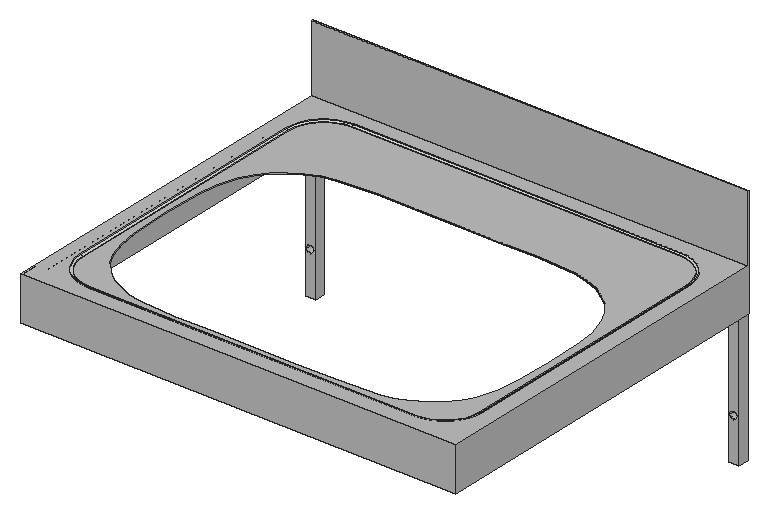
Revit family "Reece_Basin_Wolfen_Wall Basin_With Brackets_500 mm", category Plumbing Fixtures, Revit 2018
Family settings
  Round Connector Dimension = Use Diameter
  Part Type = Normal
  Work Plane-Based = Yes
  Always vertical = Yes
  Cut with Voids When Loaded = Yes
  Shared = Yes
  Room Calculation Point = Yes
Parameters (values of type "21.7 L_Centre_1 Taphole_Centre Bowl_Stainless Steel")
  URL = "https://www.reece.com.au/product/-9509887"
  Type Comments = "Basin"
  Reece_Taphole 2 [instance] = no
  Reece_Taphole 1 [instance] = yes
  Reece_Product_Web Page = "https://www.reece.com.au/product/-9509887"
  Reece_Product_Type = "Basin"  # constant formula
  Reece_Product_Sub Brand = "Wolfen"  # constant formula
  Reece_Product_Number = "9509887"
  Reece_Product_Mount = "Wall Mounted"
  Reece_Product_Description = "Wolfen Wall Hand Basin 500x420mm with Brackets Centre 1 Taphole Stainless Steel"
  Reece_Product_Brand = "Wolfen"  # constant formula
  Reece_Overall_Width = 500 mm  # constant formula
  Reece_Overall_Depth = 420 mm  # constant formula
  Reece_Overall_Capacity = 21.70 L  # constant formula
  Reece_Material_Main = Reece_Metal_Stainless Steel_Polished
  Reece_Height_From_Level [instance] = 800 mm
  Reece_Detail_Taphole Configuration = "1 Taphole"
  Reece_Detail_Installation = "Wall Basin"  # constant formula
  Reece_Detail_Disclaimer = "THIS FILE IS THE PROPERTY OF THE REECE GROUP. IT MAY NOT BE REPRODUCED, REVERSE-ENGINEERED OR MODIFIED. ANY REPUBLICATION, TRANSMISSION OR DISTRIBUTION FOR THE PURPOSE OF COMMERCIALLY EXPLOITING THE FILES IS PROHIBITED."  # constant formula
  Reece_Detail_Bowl Type = "Centre Bowl"  # constant formula
  Reece_Detail_Additional = "With Brackets"  # constant formula
  Reece_Basin_Outlet = 40 mm  # constant formula
  Model = "Wolfen"
  Manufacturer = "Wolfen"
  Keynote = "Product #9509887, Reece_Basin_Wolfen_Wall Basin_With Brackets_500 mm - 21.7 L_Centre_1 Taphole_Centre Bowl_Stainless Steel"
  Disclaimer = "THIS FILE IS THE PROPERTY OF THE REECE GROUP. IT MAY NOT BE REPRODUCED, REVERSE-ENGINEERED OR MODIFIED. ANY REPUBLICATION, TRANSMISSION OR DISTRIBUTION FOR THE PURPOSE OF COMMERCIALLY EXPLOITING THE FILES IS PROHIBITED."  # constant formula
  Description = "Wolfen Wall Hand Basin 500x420mm with Brackets Centre 1 Taphole Stainless Steel"
  Default Elevation = 0 mm
Types (3, lengths in mm): name | URL | Reece_Taphole 2 | Reece_Taphole 1 | Reece_Product_Web Page | Reece_Product_Number | Reece_Product_Description | Reece_Detail_Taphole Configuration | Keynote | Description
  21.7 L_No Taphole_Centre Bowl_Stainless Steel | "https://www.reece.com.au/product/-9509888" | no | no | "https://www.reece.com.au/product/-9509888" | "9509888" | "Wolfen Wall Hand Basin 500x420mm with Brackets No Taphole Stainless Steel" | "No Tahole" | "Product #9509888, Reece_Basin_Wolfen_Wall Basin_With Brackets_500 mm - 21.7 L_No Taphole_Centre Bowl_Stainless Steel" | "Wolfen Wall Hand Basin 500x420mm with Brackets No Taphole Stainless Steel"
  21.7 L_Right Hand_1 Taphole_Centre Bowl_Stainless Steel | "https://www.reece.com.au/product/-9509101" | yes | no | "https://www.reece.com.au/product/-9509101" | "9509101" | "Wolfen Wall Hand Basin 500 x 420mm with Brackets Right Hand 1 Taphole Stainless Steel" | "1 Taphole" | "Product #9509101, Reece_Basin_Wolfen_Wall Basin_With Brackets_500 mm - 21.7 L_Right Hand_1 Taphole_Centre Bowl_Stainless Steel" | "Wolfen Wall Hand Basin 500x420mm with Brackets Right Hand 1 Taphole Stainless Steel"
  21.7 L_Centre_1 Taphole_Centre Bowl_Stainless Steel | "https://www.reece.com.au/product/-9509887" | no | yes | "https://www.reece.com.au/product/-9509887" | "9509887" | "Wolfen Wall Hand Basin 500x420mm with Brackets Centre 1 Taphole Stainless Steel" | "1 Taphole" | "Product #9509887, Reece_Basin_Wolfen_Wall Basin_With Brackets_500 mm - 21.7 L_Centre_1 Taphole_Centre Bowl_Stainless Steel" | "Wolfen Wall Hand Basin 500x420mm with Brackets Centre 1 Taphole Stainless Steel"
Reference planes
  plane 1 "Center (Front/Back)": y = 0
  plane 2 "Bottom Host Plane": z = -5
  plane 3 "Center (Left/Right)": x = 0
  plane 4: x = -250
  plane 5: y = -210
  plane 6: x = 250
  plane 7 "Top of Basin": z = 800
  plane 8: z = 620
  plane 9: y = -420
  plane 10: z = 750
  plane 11: z = 877
  plane 12: y = -103.516
  plane 13: y = -392.516
Forms (mm)
  Extrusion 1, solid, material "Reece_Metal_Stainless Steel_Polished" <- "Reece_Material_Main"
    sketch origin (0, -210, 800) x (-1, 0, 0) y (0, -1, 0)
      loop
        line (-250, -210) -> (250, -210) -> (250, 210) -> (-250, 210) -> (-250, -210)
      loop
        line (-231, 148) -> (-231, -148)
        arc (-231, -148) -> (-218.406, -178.406) -> (-188, -191) r 43
        line (-188, -191) -> (188, -191)
        arc (188, -191) -> (218.406, -178.406) -> (231, -148) r 43
        line (231, -148) -> (231, 148)
        arc (231, 148) -> (218.406, 178.406) -> (188, 191) r 43
        line (188, 191) -> (-188, 191)
        arc (-188, 191) -> (-218.406, 178.406) -> (-231, 148) r 43
    from -1 to 0
  Sweep 2, solid, material "Reece_Metal_Stainless Steel_Polished" <- "Reece_Material_Main"
    path in 3D
      loop
        line (250, 0, 800) -> (-250, 0, 800)
    profile origin (0, 0, 800) x (0, -1, 0) y (0, 0, 1)
      loop
        line (0, 0) -> (1, 0) -> (1, 77) -> (0, 77) -> (0, 0)
  Sweep 3, solid
    path in 3D
      loop
        arc (188, -19, 800) -> (218.406, -31.594, 800) -> (231, -62, 800) r 43
        line (231, -62, 800) -> (231, -358, 800)
        arc (231, -358, 800) -> (218.406, -388.406, 800) -> (188, -401, 800) r 43
        line (188, -401, 800) -> (-188, -401, 800)
        arc (-188, -401, 800) -> (-218.406, -388.406, 800) -> (-231, -358, 800) r 43
        line (-231, -358, 800) -> (-231, -62, 800)
        arc (-231, -62, 800) -> (-218.406, -31.594, 800) -> (-188, -19, 800) r 43
        line (-188, -19, 800) -> (188, -19, 800)
    profile origin (0, -19, 800) x (0, 1, 0) y (0, 0, 1)
      loop
        line (0, 0) -> (-3, -1.155) -> (-3, -2.2) -> (0, -1) -> (0, 0)
  Sweep 4, solid, material "Reece_Metal_Stainless Steel_Polished" <- "Reece_Material_Main"
    path in 3D
      loop
        line (-250, -400, 799) -> (-250, 0, 799)
    profile origin (-250, -200, 799) x (1, 0, 0) y (0, 0, -1)
      loop
        line (1, 0) -> (13, 0) -> (13, 12) -> (1, 12) -> (1, 0)
      loop
        line (487, 0) -> (499, 0) -> (499, 12) -> (487, 12) -> (487, 0)
  Extrusion 5, solid, material "Reece_Metal_Stainless Steel_Polished" <- "Reece_Material_Main"
    sketch origin (0, -210, 800) x (-1, 0, 0) y (0, -1, 0)
      loop
        line (-237, -210) -> (-237, -198) -> (-249, -198) -> (-249, -210) -> (-237, -210)
      loop
        line (249, -210) -> (249, -198) -> (237, -198) -> (237, -210) -> (249, -210)
    from -201 to -13
  Sweep 6, solid, material "Reece_Metal_Stainless Steel_Polished" <- "Reece_Material_Main"
    path in 3D
      loop
        line (-250, 0, 800) -> (-250, -420, 800) -> (250, -420, 800) -> (250, 0, 800)
    profile origin (0, -420, 800) x (0, 1, 0) y (0, 0, 1)
      loop
        line (0, 0) -> (0, -50) -> (1, -50) -> (1, 0) -> (0, 0)
  Extrusion 7, void
    sketch origin (250, 0, 800) x (-1, 0, 0) y (0, 0, 1)
      loop
        circle (7, -151) r 4.25
      loop
        circle (7, -50) r 4.25
      loop
        circle (493.003, -151) r 4.25
      loop
        circle (493.003, -50) r 4.25
    from -12 to 0
  Extrusion 8, solid, material "Reece_Metal_Stainless Steel_Polished" <- "Reece_Material_Main"
    sketch origin (0, -210, 800) x (-1, 0, 0) y (0, -1, 0)
      loop
        arc (188, -188) -> (216.284, -176.284) -> (228, -148) r 40
        line (228, -148) -> (228, 148)
        arc (228, 148) -> (216.284, 176.284) -> (188, 188) r 40
        line (188, 188) -> (-188, 188)
        arc (-188, 188) -> (-216.284, 176.284) -> (-228, 148) r 40
        line (-228, 148) -> (-228, -148)
        arc (-228, -148) -> (-216.284, -176.284) -> (-188, -188) r 40
        line (-188, -188) -> (188, -188)
      loop
        line (45.887, 182.464) -> (0.001, 182.504) -> (-45.884, 182.464) -> (-91.769, 182.506)
        arc (-91.769, 182.506) -> (-114.715, 182.165) -> (-137.546, 179.852) r 266.773
        arc (-137.546, 179.852) -> (-159.327, 173.933) -> (-179.337, 163.49) r 104.89
        arc (-179.337, 163.49) -> (-196.146, 148.335) -> (-208.519, 129.384) r 87.73
        arc (-208.519, 129.384) -> (-215.65, 107.781) -> (-218.814, 85.253) r 127.019
        arc (-218.814, 85.253) -> (-219.899, 62.335) -> (-220.019, 39.392) r 545.229
        arc (-220.019, 39.392) -> (-219.859, 16.389) -> (-218.866, -6.592) r 634.824
        arc (-218.866, -6.592) -> (-215.994, -29.247) -> (-209.2, -51.049) r 129.894
        arc (-209.2, -51.049) -> (-196.987, -70.357) -> (-180.294, -85.955) r 89.748
        arc (-180.294, -85.955) -> (-160.324, -97.073) -> (-138.42, -103.603) r 104.935
        arc (-138.42, -103.603) -> (-115.458, -106.138) -> (-92.36, -106.494) r 244.331
        line (-92.36, -106.494) -> (-46.179, -106.482) -> (0.001, -106.445) -> (46.182, -106.482) -> (92.362, -106.494)
        arc (92.362, -106.494) -> (115.461, -106.138) -> (138.423, -103.603) r 244.331
        arc (138.423, -103.603) -> (160.326, -97.073) -> (180.296, -85.955) r 104.935
        arc (180.296, -85.955) -> (196.989, -70.357) -> (209.203, -51.049) r 89.748
        arc (209.203, -51.049) -> (215.997, -29.247) -> (218.868, -6.592) r 129.894
        arc (218.868, -6.592) -> (219.862, 16.389) -> (220.022, 39.392) r 634.824
        arc (220.022, 39.392) -> (219.902, 62.335) -> (218.816, 85.253) r 545.229
        arc (218.816, 85.253) -> (215.653, 107.781) -> (208.521, 129.384) r 127.019
        arc (208.521, 129.384) -> (196.149, 148.335) -> (179.34, 163.49) r 87.73
        arc (179.34, 163.49) -> (159.33, 173.933) -> (137.549, 179.852) r 104.89
        arc (137.549, 179.852) -> (114.718, 182.165) -> (91.772, 182.506) r 266.773
        line (91.772, 182.506) -> (45.887, 182.464)
    from -2.2 to -1.155
Cuts and joins
  Extrusion 7 cuts Extrusion 1
  Extrusion 7 cuts Sweep 2
  Extrusion 7 cuts Sweep 4
  Extrusion 7 cuts Extrusion 5
  Extrusion 7 cuts Sweep 6
  joined: Extrusion 1, Sweep 2, Sweep 4, Extrusion 5, Sweep 6
Lines and regions (mm)
  sketch lines
    curve 1: line (250, 0, 800) -> (-250, 0, 800)
    curve 2: line (-188, -19, 800) -> (188, -19, 800)
    curve 3: line (231, -62, 800) -> (231, -358, 800)
    curve 4: line (188, -401, 800) -> (-188, -401, 800)
    curve 5: line (-231, -358, 800) -> (-231, -62, 800)
    curve 6: line (-250, -400, 799) -> (-250, 0, 799)
    curve 7: line (-250, -420, 800) -> (250, -420, 800)
    curve 8: line (-250, 0, 800) -> (-250, -420, 800)
    curve 9: line (250, -420, 800) -> (250, 0, 800)
    curve 12: arc (-231, -358, 800) -> (-218.406, -388.406, 800) -> (-188, -401, 800) r 43
    curve 13: arc (188, -401, 800) -> (218.406, -388.406, 800) -> (231, -358, 800) r 43
    curve 14: arc (231, -62, 800) -> (218.406, -31.594, 800) -> (188, -19, 800) r 43
    curve 15: arc (-188, -19, 800) -> (-218.406, -31.594, 800) -> (-231, -62, 800) r 43
  model lines, visible <- "Reece_Taphole 2"
    curve 10: circle (186.85, -60.453, 798.845) r 17.5 normal (0, 0, 1)
  model lines, visible <- "Reece_Taphole 1"
    curve 11: circle (0, -60.453, 798.845) r 17.5 normal (0, 0, 1)
  model lines, style "InvisibleLines"
    curve 16: line (0, 0, 877) -> (0, 0, -5)
Text (mm)
  text "Reece ©" at (2629.581, -2243.687, 3143.545), in view "Reece Preview"
  text "Reece Copyright © 2018, Reece Ltd." at (-526.759, -443.435, 0), in view "Ref. Level"
Dimensions and locks
  "Reece_Overall_Width": plane 4 to plane 6
  equal spacing: plane 4, plane 3 "Center (Left/Right)", plane 6
  plane 7 "Top of Basin" to plane 8 = 180 mm
  equal spacing: plane 9, plane 5, plane 1 "Center (Front/Back)"
  "Reece_Overall_Depth": plane 9 to plane 1 "Center (Front/Back)"
  locked: plane 7 "Top of Basin" to plane 8 at 180
  locked: plane 7 "Top of Basin" to plane 10 at 50
  locked: plane 11 to plane 7 "Top of Basin" at 77
  plane 6 to plane 4 = 500 mm
  "Reece_Height_From_Level": plane 7 "Top of Basin" to level
  plane 7 "Top of Basin" to level = 800 mm  (x2)
  plane 7 "Top of Basin" to plane 11 = 77 mm
  plane 7 "Top of Basin" to plane 10 = 50 mm
  plane 1 "Center (Front/Back)" to cut or joined group of Extrusion 1, Sweep 2, Sweep 4, Extrusion 5, Sweep 6, Extrusion 7 = 12 mm
  cut or joined group of Extrusion 1, Sweep 2, Sweep 4, Extrusion 5, Sweep 6, Extrusion 7 to cut or joined group of Extrusion 1, Sweep 2, Sweep 4, Extrusion 5, Sweep 6, Extrusion 7 = 200 mm
  cut or joined group of Extrusion 1, Sweep 2, Sweep 4, Extrusion 5, Sweep 6, Extrusion 7 to cut or joined group of Extrusion 1, Sweep 2, Sweep 4, Extrusion 5, Sweep 6, Extrusion 7 = 400 mm
  cut or joined group of Extrusion 1, Sweep 2, Sweep 4, Extrusion 5, Sweep 6, Extrusion 7 to cut or joined group of Extrusion 1, Sweep 2, Sweep 4, Extrusion 5, Sweep 6, Extrusion 7 = 12 mm
  nested 1 to Extrusion 8 = 440.059 mm
  plane 12 to plane 13 = 289 mm
  plane 1 "Center (Front/Back)" to plane 9 = 420 mm
  plane 9 to plane 1 "Center (Front/Back)" = 420 mm
Automatic sketch dimensions
  plane 5 to Extrusion 1 sketch curve = 210 mm
  Extrusion 1 sketch curve to plane 6 = 0 mm
  Extrusion 1 sketch curve to plane 4 = 0 mm
  plane 6 to Extrusion 1 sketch curve = 19 mm
  plane 4 to Extrusion 1 sketch curve = 19 mm
  Sweep 2 sketch curve to profile plane = 0 mm  (x2)
  Sweep 2 sketch curve to profile plane = 1 mm
  profile plane to Sweep 2 sketch curve = 77 mm
  Sweep 3 sketch curve to profile plane = 0 mm  (x2)
  profile plane to Sweep 3 sketch curve = 3 mm
  Sweep 3 sketch curve to profile plane = 1 mm
  Sweep 3 sketch curve to profile plane = 1.155 mm
  Sweep 3 sketch curve to Sweep 3 sketch curve = 1.045 mm
  Sweep 4 sketch curve to profile plane = 0 mm  (x2)
  Sweep 4 sketch curve to profile plane = 1 mm
  Sweep 4 sketch curve to Sweep 4 sketch curve = 12 mm  (x2)
  Sweep 4 sketch curve to Sweep 4 sketch curve = 474 mm
  profile plane to Sweep 4 sketch curve = 12 mm  (x2)
  plane 6 to Extrusion 5 sketch curve = 1 mm
  Extrusion 5 sketch curve to Extrusion 5 sketch curve = 12 mm  (x2)
  plane 4 to Extrusion 5 sketch curve = 13 mm
  plane 4 to Extrusion 5 sketch curve = 1 mm
  Sweep 6 sketch curve to profile plane = 0 mm  (x2)
  Sweep 6 sketch curve to profile plane = 1 mm
  Sweep 6 sketch curve to profile plane = 50 mm
  plane 3 "Center (Left/Right)" to Extrusion 8 sketch curve = 45.884 mm
  plane 3 "Center (Left/Right)" to Extrusion 8 sketch curve = 46.179 mm
  plane 1 "Center (Front/Back)" to Extrusion 8 sketch curve = 208.349 mm  (x2)
  plane 3 "Center (Left/Right)" to Extrusion 8 sketch curve = 89.066 mm
  Extrusion 8 sketch curve to Extrusion 8 sketch curve = 45.885 mm  (x3)
  Extrusion 8 sketch curve to Extrusion 8 sketch curve = 2.886 mm  (x2)
  Extrusion 8 sketch curve to Extrusion 8 sketch curve = 46.181 mm  (x2)
  Extrusion 8 sketch curve to Extrusion 8 sketch curve = 6.913 mm  (x2)
  Extrusion 8 sketch curve to Extrusion 8 sketch curve = 8.385 mm  (x2)
  plane 1 "Center (Front/Back)" to Extrusion 8 sketch curve = 209.625 mm  (x2)
  Extrusion 8 sketch curve to Extrusion 8 sketch curve = 30.504 mm  (x2)
  Extrusion 8 sketch curve to Extrusion 8 sketch curve = 29.136 mm  (x2)
  Extrusion 8 sketch curve to Extrusion 8 sketch curve = 8.292 mm  (x2)
  Extrusion 8 sketch curve to Extrusion 8 sketch curve = 8.399 mm  (x2)
  plane 6 to Extrusion 8 sketch curve = 62 mm  (x2)
  plane 6 to Extrusion 8 sketch curve = 22 mm
  Extrusion 8 sketch curve to plane 6 = 75.139 mm
  plane 1 "Center (Front/Back)" to Extrusion 8 sketch curve = 242.306 mm  (x2)
  Extrusion 8 sketch curve to Extrusion 8 sketch curve = 89.623 mm  (x2)
  Extrusion 8 sketch curve to plane 3 "Center (Left/Right)" = 0.001 mm  (x2)
  Extrusion 8 sketch curve to Extrusion 8 sketch curve = 46.18 mm
  Extrusion 8 sketch curve to plane 3 "Center (Left/Right)" = 89.069 mm
  plane 4 to Extrusion 8 sketch curve = 62 mm  (x2)
  plane 1 "Center (Front/Back)" to Extrusion 8 sketch curve = 258.011 mm  (x2)
  Extrusion 8 sketch curve to plane 4 = 75.141 mm
  plane 1 "Center (Front/Back)" to Extrusion 8 sketch curve = 196.885 mm  (x2)
  Extrusion 8 sketch curve to Extrusion 8 sketch curve = 2.663 mm  (x2)
  Extrusion 8 sketch curve to Extrusion 8 sketch curve = 15.038 mm  (x2)
  Extrusion 8 sketch curve to Extrusion 8 sketch curve = 28.906 mm  (x2)
  plane 6 to Extrusion 8 sketch curve = 31.186 mm
  plane 1 "Center (Front/Back)" to Extrusion 8 sketch curve = 203.408 mm  (x2)
  plane 4 to Extrusion 8 sketch curve = 31.184 mm
  curve 10 to Extrusion 8 = 41.15 mm
  curve 11 to Extrusion 8 = 38.453 mm
  curve 10 to curve 11 = 186.85 mm
  curve 10 to Extrusion 8 = 38.453 mm
  plane 4 to Extrusion 8 sketch curve = 22 mm
  plane 1 "Center (Front/Back)" to Extrusion 8 sketch curve = 286.262 mm  (x2)
  plane 6 to Extrusion 8 sketch curve = 29.981 mm
  Extrusion 8 sketch curve to Extrusion 8 sketch curve = 20.521 mm
  plane 1 "Center (Front/Back)" to Extrusion 1 sketch curve = 0 mm
  plane 1 "Center (Front/Back)" to Extrusion 1 sketch curve = 19 mm
  plane 1 "Center (Front/Back)" to Extrusion 5 sketch curve = 0 mm  (x2)
  plane 1 "Center (Front/Back)" to Extrusion 5 sketch curve = 12 mm
  plane 1 "Center (Front/Back)" to Extrusion 8 sketch curve = 62 mm
  Extrusion 8 sketch curve to Extrusion 8 sketch curve = 46.413 mm  (x2)
  Extrusion 8 sketch curve to plane 9 = 62 mm
  Extrusion 8 sketch curve to plane 9 = 27.536 mm  (x2)
  Extrusion 8 sketch curve to plane 9 = 27.496 mm
  Extrusion 8 sketch curve to Extrusion 8 sketch curve = 44.793 mm  (x2)
  Extrusion 8 sketch curve to Extrusion 8 sketch curve = 20.519 mm
  Extrusion 8 sketch curve to Extrusion 8 sketch curve = 8.663 mm
  Extrusion 8 sketch curve to plane 9 = 30.148 mm
  Extrusion 8 sketch curve to Extrusion 8 sketch curve = 8.66 mm
  Extrusion 8 sketch curve to Extrusion 8 sketch curve = 93.379 mm  (x2)
  Extrusion 8 sketch curve to Extrusion 8 sketch curve = 0.012 mm  (x2)
  Extrusion 8 sketch curve to Extrusion 8 sketch curve = 0.036 mm
  Extrusion 8 sketch curve to Extrusion 8 sketch curve = 22.332 mm  (x2)
  Extrusion 8 sketch curve to Extrusion 8 sketch curve = 1.153 mm
  Extrusion 8 sketch curve to Extrusion 8 sketch curve = 9.666 mm
  Extrusion 8 sketch curve to Extrusion 8 sketch curve = 39.147 mm
  Extrusion 8 sketch curve to Extrusion 8 sketch curve = 41.873 mm
  Extrusion 1 sketch curve to plane 9 = 19 mm
  Extrusion 1 sketch curve to Extrusion 1 sketch curve = 43 mm  (x4)
  Extrusion 1 to Extrusion 7 sketch curve = 7 mm  (x2)
  Extrusion 1 to Extrusion 7 sketch curve = 6.997 mm  (x2)
  Extrusion 7 sketch curve to Extrusion 1 = 150 mm  (x2)
  Extrusion 7 sketch curve to Extrusion 1 = 49 mm  (x2)
  curve 16 to plane 2 "Bottom Host Plane" = 0 mm
  curve 16 to plane 3 "Center (Left/Right)" = 0 mm
  curve 16 to plane 11 = 0 mm
  radius of curve 10 = 17.5 mm
  radius of curve 11 = 17.5 mm
  radius of Extrusion 7 sketch curve = 4.25 mm  (x4)
Nested families
  nested 1: "Reece_Basin_Wolfen_Wall Basin_With Brackets_500 mm_Nested" at (0, -210, 800), Reece_Material_Main <- "Reece_Material_Main", type "Reece_Basin_Wolfen_Wall Basin_With Brackets_500 mm_Nested"
    with Reece_Material_Main Reece_Metal_Stainless Steel_Polished
Definition of nested family "Reece_Basin_Wolfen_Wall Basin_With Brackets_500 mm_Nested"
  Parameters (values of type "Reece_Basin_Wolfen_Wall Basin_With Brackets_500 mm_Nested")
    Reece_Material_Main [instance] = none
    Default Elevation = 0 mm
  Reference planes
    plane 1 "Center (Front/Back)": y = 0
    plane 2 "Bottom Host Plane": z = 0
    plane 3 "Center (Left/Right)": x = 0
    plane 4: x = -250
    plane 5: y = 210
    plane 6: y = -210
    plane 7: x = 250
    plane 8: y = -182.369
    plane 9: y = 106.631
    plane 10: x = -220
    plane 11: x = 220
  Forms (mm)
    Extrusion 1, void
      sketch origin (0, 500, 899.84) x (-1, 0, 0) y (0, -1, 0)
        loop
          circle (0, 500) r 34.6
      from -1100 to -1050
    Extrusion 2, void
      sketch origin (0, -1000, 899.84) x (-1, 0, 0) y (0, -1, 0)
        loop
          circle (0, -1000) r 34.6
      from -1100 to -1050
    Revolve 3, solid, material <- "Reece_Material_Main"
      sketch origin (-55, 0, 3.534) x (1, 0, 0) y (0, 0, 1)
        loop
          line (29.894, -183.58) -> (29.894, -182.58) -> (26.29, -182.58) -> (20.4, -176.69) -> (20.4, -178.104) -> (25.876, -183.58) -> (29.894, -183.58)
        axis (55, -183.58) -> (55, -176.69)
      angle from 0 to 360
  Cuts and joins
    Extrusion 1 cuts ?
    Extrusion 2 cuts ?
  Lines and regions (mm)
    symbolic lines
      curve 1: line (-222.489, 0, -3.404) -> (0, 0, -177.744)
      curve 2: line (222.489, 0, -3.404) -> (0, 0, -177.744)
  Text (mm)
    text "Reece ©" at (2926.499, -2404.06, 2686.253), in view "Reece Preview"
    text "Reece Copyright © 2018, Reece Ltd." at (-526.759, -443.435, 0), in view "Ref. Level"
  Dimensions and locks
    plane 4 to plane 7 = 500 mm
    equal spacing: plane 4, plane 3 "Center (Left/Right)", plane 7
    plane 5 to plane 6 = 420 mm
    equal spacing: plane 5, plane 1 "Center (Front/Back)", plane 6
    plane 9 to plane 8 = 289 mm
    plane 10 to plane 11 = 440 mm
    plane 6 to plane 8 = 27.631 mm
  Automatic sketch dimensions
    Extrusion 2 sketch curve to Extrusion 2 sketch curve = 0 mm  (x2)
    plane 1 "Center (Front/Back)" to Extrusion 2 sketch curve = 0 mm
    Extrusion 2 sketch curve to plane 3 "Center (Left/Right)" = 0 mm
    plane 3 "Center (Left/Right)" to Extrusion 2 sketch curve = 34.6 mm
    plane 1 "Center (Front/Back)" to Extrusion 1 sketch curve = 0 mm
    Extrusion 1 sketch curve to plane 3 "Center (Left/Right)" = 0 mm
    curve 2 to plane 3 "Center (Left/Right)" = 0 mm
    curve 1 to level = 177.744 mm
    curve 1 to plane 10 = 2.489 mm
    curve 2 to plane 11 = 2.489 mm
    curve 2 to level = 3.404 mm
    curve 1 to level = 3.404 mm
    Revolve 3 sketch curve to plane 3 "Center (Left/Right)" = 0 mm
    Revolve 3 sketch curve to plane 3 "Center (Left/Right)" = 25.106 mm
    Revolve 3 sketch curve to level = 180.046 mm
    Revolve 3 sketch curve to Revolve 3 sketch curve = 1 mm
    Revolve 3 sketch curve to Revolve 3 sketch curve = 3.604 mm
    Revolve 3 sketch curve to Revolve 3 sketch curve = 0.414 mm
    Revolve 3 sketch curve to Revolve 3 sketch curve = 5.89 mm
    Revolve 3 sketch curve to Revolve 3 sketch curve = 4.476 mm
    Revolve 3 sketch curve to Revolve 3 sketch curve = 1.414 mm
    level to Revolve 3 sketch curve = 663.534 mm
    Revolve 3 sketch curve to Revolve 3 sketch curve = 140 mm
    radius of Extrusion 1 sketch curve = 34.6 mm
